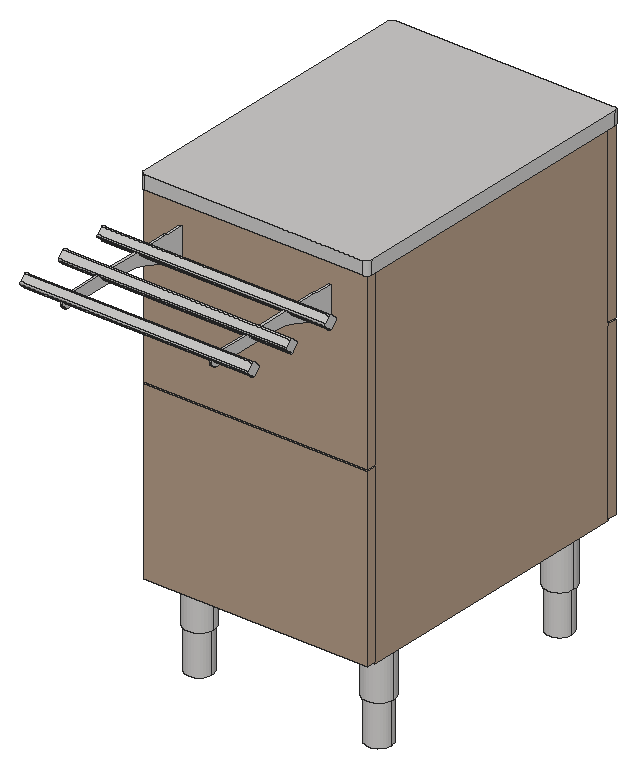
Revit family "QF_ELECTROLUXPROFESSIONAL_322107_F00N1AF00W", category Specialty Equipment, Revit 2018
Family settings
  Round Connector Dimension = Use Diameter
  Part Type = Normal
  Work Plane-Based = No
  Always vertical = Yes
  Cut with Voids When Loaded = No
  Shared = No
  Room Calculation Point = No
Parameters (values of type "Standard")
  Weight = 40.00 kg
  Watts = 0 W
  Volts = 0 V
  URL Manufacturer = "http://professional.electrolux.com"
  URL = "http://professional.electrolux.com"
  Steam Supply Size = 0 mm
  Steam Supply Minimum Pressure = 0.0 Pa
  Steam Supply Maximum Pressure = 0.0 Pa
  Steam Pounds per Hour = 0
  Show Clearance [instance] = yes
  Refrigeration Suction Line Size = 0 mm
  Refrigeration Liquid Line Size = 0 mm
  Refrigerant Compressor Remote = yes
  Manufacturer = "Electrolux Professional"
  Phase = 0
  Model = "F00N1AF00W"
  Length Actual = 450 mm  # constant formula
  Item Number = "322107"
  Hot Water Size = 0 mm
  Height Actual = 900 mm  # constant formula
  HP = "0 HP"
  Gas Size = 0 mm
  Gas KW = 0
  Gas Input Pressure = 0 W
  Direct Waste Size = 0 mm
  Description = "AMBIENT UNIT, 1GN H=900MM"
  Depth Actual = 915 mm  # constant formula
  Cycle = 0 Hz
  Condensate Return Size = 0 mm
  Compressed Air Volume = 0.0 L/s
  Compressed Air Size = 0 mm
  Compressed Air Pressure = 0.0 Pa
  Cold Water Size = 0 mm
  Accessory = yes
Types (2, lengths in mm): name | URL | Manufacturer | Model | Description
  (no name) | 0 | 0 | 0 | 0
  Standard | "http://professional.electrolux.com" | "Electrolux Professional" | "F00N1AF00W" | "AMBIENT UNIT, 1GN H=900MM"
Values of the unnamed type that differ from the named types
  URL Manufacturer = ""
  Item Number = ""
  HP = ""
Reference planes
  plane 1 "Centro (Fronte/Retro)": y = 74.737
  plane 2: z = 0
  plane 3 "BACK": y = 384.737
  plane 4 "FRONT": y = -235.263
  plane 5: z = 900
  plane 6 "RIGHT": x = -289.269
  plane 7 "LEFT": x = -739.269
  plane 8: x = -514.269
  plane 9: y = 664.737
  plane 10: y = -515.263
  plane 11: z = 179
  plane 12: z = 1304
  plane 13: z = 1222
  plane 14: y = 316.737
  plane 15: x = -661.269
  plane 16: x = -367.269
  plane 17: x = -735.269
  plane 18: y = -231.263
  plane 19: x = -293.269
  plane 20: y = 380.737
  plane 21: z = 874
  plane 22: y = 362.737
  plane 23: y = -213.263
  plane 24: z = 182
  plane 25: z = 527
  plane 26: z = 531
  plane 27: x = -468.269
  plane 28: x = -560.269
Forms (mm)
  Extrusion 1, solid, material "QF_Finishes_Wood"
    sketch origin (0, 0, 0) x (1, 0, 0) y (0, 1, 0)
      loop
        line (-735.269, 362.737) -> (-735.269, -213.263) -> (-293.269, -213.263) -> (-293.269, 362.737) -> (-735.269, 362.737)
    from 179 to 874
  Extrusion 2, solid, material "QF_Finishes_Wood"
    sketch origin (-293.269, 362.737, 0) x (0, -1, 0) y (0, 0, -1)
      loop
        line (576, -182) -> (576, -527) -> (594, -527) -> (594, -182) -> (576, -182)
      loop
        line (576, -531) -> (576, -874) -> (594, -874) -> (594, -531) -> (576, -531)
    from 0 to -442
  Extrusion 3, solid, material "QF_Finishes_Wood"
    sketch origin (-293.269, -213.263, 0) x (0, 1, 0) y (0, 0, 1)
      loop
        line (576, 531) -> (594, 531) -> (594, 874) -> (576, 874) -> (576, 531)
    from 0 to -442
  Extrusion 4, solid, material "QF_Finishes_Stainless Steel"
    sketch origin (0, 0, 0) x (1, 0, 0) y (0, 1, 0)
      loop
        arc (-729.269, 384.737) -> (-736.34, 381.808) -> (-739.269, 374.737) r 10
        line (-739.269, 374.737) -> (-739.269, -225.263)
        arc (-739.269, -225.263) -> (-736.34, -232.334) -> (-729.269, -235.263) r 10
        line (-729.269, -235.263) -> (-299.269, -235.263)
        arc (-299.269, -235.263) -> (-292.198, -232.334) -> (-289.269, -225.263) r 10
        line (-289.269, -225.263) -> (-289.269, 374.737)
        arc (-289.269, 374.737) -> (-292.198, 381.808) -> (-299.269, 384.737) r 10
        line (-299.269, 384.737) -> (-729.269, 384.737)
    from 874 to 900
  Extrusion 5, solid, material "QF_Finishes_Wood"
    sketch origin (-293.269, -213.263, -348) x (0, 1, 0) y (0, 0, 1)
      loop
        line (576, 530) -> (594, 530) -> (594, 875) -> (576, 875) -> (576, 530)
    from 0 to -442
  Extrusion 6, solid, material "QF_Finishes_Stainless Steel"
    sketch origin (-369.769, 362.737, 0) x (0, -1, 0) y (0, 0, -1)
      loop
        arc (628.84, -832.7) -> (632.082, -833.911) -> (635.519, -834.32) r 14.5
        line (635.519, -834.32) -> (675.715, -834.32) -> (689.858, -820.177) -> (704, -834.32) -> (770.715, -834.32) -> (784.858, -820.177) -> (799, -834.32) -> (865.716, -834.32) -> (879.858, -820.177) -> (887.686, -828.005) -> (887.686, -821.352)
        arc (887.686, -821.352) -> (887.303, -819.435) -> (886.214, -817.81) r 4.999
        line (886.214, -817.81) -> (881.179, -812.776)
        arc (881.179, -812.776) -> (879.559, -811.698) -> (877.651, -811.32) r 5
        line (877.651, -811.32) -> (732.206, -811.32)
        arc (732.206, -811.32) -> (708.662, -809.221) -> (685.86, -802.991) r 133.106
        line (685.86, -802.991) -> (638.285, -785.32) -> (597.679, -770.12) -> (594, -770.12) -> (594, -832.7) -> (628.84, -832.7)
    from 0 to 5
  Extrusion 7, solid, material "QF_Finishes_Stainless Steel"
    sketch origin (-663.769, 362.737, 0) x (0, -1, 0) y (0, 0, -1)
      loop
        arc (628.84, -832.7) -> (632.082, -833.911) -> (635.519, -834.32) r 14.5
        line (635.519, -834.32) -> (675.715, -834.32) -> (689.858, -820.177) -> (704, -834.32) -> (770.715, -834.32) -> (784.858, -820.177) -> (799, -834.32) -> (865.716, -834.32) -> (879.858, -820.177) -> (887.686, -828.005) -> (887.686, -821.352)
        arc (887.686, -821.352) -> (887.303, -819.435) -> (886.214, -817.81) r 4.999
        line (886.214, -817.81) -> (881.179, -812.776)
        arc (881.179, -812.776) -> (879.559, -811.698) -> (877.651, -811.32) r 5
        line (877.651, -811.32) -> (732.206, -811.32)
        arc (732.206, -811.32) -> (708.662, -809.221) -> (685.86, -802.991) r 133.106
        line (685.86, -802.991) -> (638.285, -785.32) -> (597.679, -770.12) -> (594, -770.12) -> (594, -832.7) -> (628.84, -832.7)
    from 0 to 5
  Extrusion 8, solid, material "QF_Finishes_Stainless Steel"
    sketch origin (-133.269, 362.737, 0) x (0, -1, 0) y (0, 0, -1)
      loop
        line (881.983, -846.337) -> (891.875, -836.445)
        arc (891.875, -836.445) -> (892.757, -834.322) -> (891.879, -832.198) r 3
        line (891.879, -832.198) -> (881.979, -822.299)
        arc (881.979, -822.299) -> (879.858, -821.42) -> (877.737, -822.299) r 3
        line (877.737, -822.299) -> (867.837, -832.198)
        arc (867.837, -832.198) -> (866.958, -834.32) -> (867.837, -836.441) r 3
        line (867.837, -836.441) -> (877.737, -846.34)
        arc (877.737, -846.34) -> (879.86, -847.219) -> (881.983, -846.337) r 3
      loop
        line (786.979, -846.34) -> (796.879, -836.441)
        arc (796.879, -836.441) -> (797.757, -834.32) -> (796.879, -832.198) r 3
        line (796.879, -832.198) -> (786.979, -822.299)
        arc (786.979, -822.299) -> (784.858, -821.42) -> (782.737, -822.299) r 3
        line (782.737, -822.299) -> (772.837, -832.198)
        arc (772.837, -832.198) -> (771.958, -834.317) -> (772.833, -836.437) r 3
        line (772.833, -836.437) -> (782.741, -846.345)
        arc (782.741, -846.345) -> (784.861, -847.219) -> (786.979, -846.34) r 3
      loop
        line (691.976, -846.343) -> (701.882, -836.438)
        arc (701.882, -836.438) -> (702.757, -834.318) -> (701.879, -832.198) r 3
        line (701.879, -832.198) -> (691.979, -822.299)
        arc (691.979, -822.299) -> (689.858, -821.42) -> (687.737, -822.299) r 3
        line (687.737, -822.299) -> (677.837, -832.198)
        arc (677.837, -832.198) -> (676.958, -834.32) -> (677.837, -836.441) r 3
        line (677.837, -836.441) -> (687.737, -846.34)
        arc (687.737, -846.34) -> (689.856, -847.219) -> (691.976, -846.343) r 3
    from -156 to -606
Lines and regions (mm)
  symbolic lines
    curve 1: line (-289.269, -530.263, 0) -> (-739.269, -530.263, 0)
    curve 2: line (-739.269, -530.263, 0) -> (-739.269, -235.263, 0)
    curve 3: line (-729.269, 384.737, 0) -> (-299.269, 384.737, 0)
    curve 4: line (-739.269, -235.263, 0) -> (-289.269, -235.263, 0)
    curve 5: line (-289.269, 374.737, 0) -> (-289.269, -225.263, 0)
    curve 6: line (-289.269, -235.263, 0) -> (-289.269, -530.263, 0)
    curve 7: line (-739.269, -225.263, 0) -> (-739.269, 374.737, 0)
    curve 8: arc (-739.269, -225.263, 0) -> (-736.34, -232.334, 0) -> (-729.269, -235.263, 0) r 10
    curve 9: arc (-739.269, 374.737, 0) -> (-736.34, 381.808, 0) -> (-729.269, 384.737, 0) r 10
    curve 10: arc (-299.269, 384.737, 0) -> (-292.198, 381.808, 0) -> (-289.269, 374.737, 0) r 10
    curve 11: arc (-299.269, -235.263, 0) -> (-292.198, -232.334, 0) -> (-289.269, -225.263, 0) r 10
Dimensions and locks
  plane 7 "LEFT" to plane 6 "RIGHT" = 450 mm
  equal spacing: plane 3 "BACK", plane 1 "Centro (Fronte/Retro)", plane 4 "FRONT"
  plane 3 "BACK" to plane 4 "FRONT" = 620 mm
  equal spacing: plane 7 "LEFT", plane 8, plane 6 "RIGHT"
  locked: plane 9 to plane 3 "BACK" at 280
  locked: plane 4 "FRONT" to plane 10 at 280
  plane 11 to plane 2 = 179 mm
  locked: plane 5 to plane 2 at 900
  locked: plane 12 to plane 2 at 1304
  locked: plane 13 to plane 2 at 1222
  locked: plane 3 "BACK" to plane 14 at 68
  locked: plane 7 "LEFT" to plane 15 at 78
  locked: plane 16 to plane 6 "RIGHT" at 78
  locked: plane 3 "BACK" to plane 20 at 4
  locked: plane 7 "LEFT" to plane 17 at 4
  locked: plane 19 to plane 6 "RIGHT" at 4
  locked: plane 18 to plane 4 "FRONT" at 4
  locked: plane 5 to plane 21 at 26
  locked: plane 23 to plane 18 at 18
  locked: plane 20 to plane 22 at 18
  locked: plane 19 to plane 27 at 175
  locked: plane 28 to plane 17 at 175
  plane 9 to plane 10 = 1180 mm
  plane 6 "RIGHT" to plane 16 = 78 mm
  plane 15 to plane 7 "LEFT" = 78 mm
  aligned and locked: level to plane 2
  aligned and locked: Extrusion 1 sketch curve to plane 22
  aligned and locked: plane 17 to Extrusion 1 sketch curve
  aligned and locked: plane 23 to Extrusion 1 sketch curve
  aligned and locked: Extrusion 1 sketch curve to plane 19
  aligned and locked: plane 21 to Extrusion 1
  aligned and locked: Extrusion 1 to plane 11
  aligned and locked: plane 24 to Extrusion 2 sketch curve
  aligned and locked: Extrusion 2 sketch curve to plane 23  (x2)
  aligned and locked: Extrusion 2 sketch curve to plane 25
  aligned and locked: plane 18 to Extrusion 2 sketch curve  (x2)
  aligned and locked: plane 26 to Extrusion 2 sketch curve
  aligned and locked: Extrusion 2 sketch curve to plane 21
  aligned and locked: Extrusion 2 to plane 17
  aligned and locked: Extrusion 3 to plane 17
  aligned and locked: Extrusion 4 sketch curve to plane 3 "BACK"
  aligned and locked: plane 7 "LEFT" to Extrusion 4 sketch curve
  aligned and locked: plane 4 "FRONT" to Extrusion 4 sketch curve
  aligned and locked: Extrusion 4 sketch curve to plane 6 "RIGHT"
  aligned and locked: Extrusion 4 to plane 21
  aligned and locked: Extrusion 5 to plane 24
  aligned and locked: plane 25 to Extrusion 5
  aligned and locked: Extrusion 5 to plane 17
  aligned and locked: plane 19 to Extrusion 5
Automatic sketch dimensions
  Extrusion 1 to Extrusion 3 sketch curve = 0 mm
  Extrusion 3 sketch curve to Extrusion 1 = 0 mm
  Extrusion 3 sketch curve to Extrusion 3 sketch curve = 18 mm
  Extrusion 3 sketch curve to Extrusion 3 sketch curve = 343 mm
  Extrusion 5 sketch curve to Extrusion 1 = 0 mm
  Extrusion 5 sketch curve to Extrusion 5 sketch curve = 18 mm
  Extrusion 1 to Extrusion 5 sketch curve = 3 mm
  Extrusion 5 sketch curve to Extrusion 5 sketch curve = 345 mm
  plane 17 to Extrusion 4 sketch curve = 6 mm  (x2)
  Extrusion 4 sketch curve to plane 19 = 6 mm  (x2)
  Extrusion 6 sketch curve to plane 18 = 0 mm
  plane 4 "FRONT" to Extrusion 6 sketch curve = 0.321 mm
  Extrusion 6 sketch curve to plane 4 "FRONT" = 30.84 mm
  Extrusion 6 sketch curve to Extrusion 6 sketch curve = 6.66 mm
  Extrusion 6 sketch curve to Extrusion 6 sketch curve = 6.678 mm
  Extrusion 6 sketch curve to Extrusion 6 sketch curve = 2.785 mm
  Extrusion 6 sketch curve to Extrusion 6 sketch curve = 40.197 mm
  Extrusion 6 sketch curve to Extrusion 6 sketch curve = 10.145 mm
  Extrusion 6 sketch curve to Extrusion 6 sketch curve = 3.998 mm
  Extrusion 6 sketch curve to plane 21 = 39.68 mm  (x2)
  Extrusion 6 sketch curve to Extrusion 6 sketch curve = 14.142 mm  (x3)
  Extrusion 6 sketch curve to Extrusion 6 sketch curve = 28.206 mm
  Extrusion 6 sketch curve to Extrusion 6 sketch curve = 38.51 mm
  Extrusion 6 sketch curve to Extrusion 6 sketch curve = 14.143 mm
  plane 10 to Extrusion 6 sketch curve = 12.284 mm
  plane 10 to Extrusion 6 sketch curve = 0.349 mm
  Extrusion 6 sketch curve to plane 10 = 1.858 mm
  Extrusion 6 sketch curve to plane 10 = 3.179 mm
  Extrusion 6 sketch curve to Extrusion 6 sketch curve = 2.829 mm
  Extrusion 6 sketch curve to Extrusion 6 sketch curve = 3.528 mm
  Extrusion 6 sketch curve to Extrusion 6 sketch curve = 4.999 mm
  Extrusion 6 sketch curve to Extrusion 6 sketch curve = 0 mm  (x2)
  Extrusion 6 sketch curve to Extrusion 6 sketch curve = 1.62 mm
  Extrusion 6 sketch curve to Extrusion 6 sketch curve = 6.314 mm
  Extrusion 6 sketch curve to Extrusion 6 sketch curve = 6.653 mm
  Extrusion 6 sketch curve to Extrusion 6 sketch curve = 1.175 mm
  Extrusion 6 sketch curve to Extrusion 6 sketch curve = 3.858 mm
  Extrusion 6 sketch curve to Extrusion 6 sketch curve = 3.543 mm
  Extrusion 6 sketch curve to Extrusion 6 sketch curve = 23 mm
  Extrusion 6 sketch curve to Extrusion 6 sketch curve = 17.187 mm
  Extrusion 6 sketch curve to Extrusion 6 sketch curve = 34.499 mm
  Extrusion 6 sketch curve to Extrusion 6 sketch curve = 15.2 mm
  Extrusion 7 sketch curve to plane 18 = 0 mm
  plane 4 "FRONT" to Extrusion 7 sketch curve = 0.321 mm
  Extrusion 7 sketch curve to plane 4 "FRONT" = 30.84 mm
  Extrusion 7 sketch curve to Extrusion 7 sketch curve = 6.66 mm
  Extrusion 7 sketch curve to Extrusion 7 sketch curve = 6.678 mm
  Extrusion 7 sketch curve to Extrusion 7 sketch curve = 2.785 mm
  Extrusion 7 sketch curve to Extrusion 7 sketch curve = 40.197 mm
  Extrusion 7 sketch curve to Extrusion 7 sketch curve = 10.145 mm
  Extrusion 7 sketch curve to Extrusion 7 sketch curve = 3.998 mm
  Extrusion 7 sketch curve to plane 21 = 39.68 mm  (x2)
  Extrusion 7 sketch curve to Extrusion 7 sketch curve = 14.142 mm  (x3)
  Extrusion 7 sketch curve to Extrusion 7 sketch curve = 28.206 mm
  Extrusion 7 sketch curve to Extrusion 7 sketch curve = 38.51 mm
  Extrusion 7 sketch curve to Extrusion 7 sketch curve = 14.143 mm
  plane 10 to Extrusion 7 sketch curve = 12.284 mm
  plane 10 to Extrusion 7 sketch curve = 0.349 mm
  Extrusion 7 sketch curve to plane 10 = 1.858 mm
  Extrusion 7 sketch curve to plane 10 = 3.179 mm
  Extrusion 7 sketch curve to Extrusion 7 sketch curve = 2.829 mm
  Extrusion 7 sketch curve to Extrusion 7 sketch curve = 3.528 mm
  Extrusion 7 sketch curve to Extrusion 7 sketch curve = 4.999 mm
  Extrusion 7 sketch curve to Extrusion 7 sketch curve = 0 mm  (x2)
  Extrusion 7 sketch curve to Extrusion 7 sketch curve = 1.62 mm
  Extrusion 7 sketch curve to Extrusion 7 sketch curve = 6.314 mm
  Extrusion 7 sketch curve to Extrusion 7 sketch curve = 6.653 mm
  Extrusion 7 sketch curve to Extrusion 7 sketch curve = 1.175 mm
  Extrusion 7 sketch curve to Extrusion 7 sketch curve = 3.858 mm
  Extrusion 7 sketch curve to Extrusion 7 sketch curve = 3.543 mm
  Extrusion 7 sketch curve to Extrusion 7 sketch curve = 23 mm
  Extrusion 7 sketch curve to Extrusion 7 sketch curve = 17.187 mm
  Extrusion 7 sketch curve to Extrusion 7 sketch curve = 34.499 mm
  Extrusion 7 sketch curve to Extrusion 7 sketch curve = 15.2 mm
  Extrusion 8 sketch curve to plane 21 = 39.68 mm
  Extrusion 8 sketch curve to plane 4 "FRONT" = 81.958 mm
  Extrusion 8 sketch curve to Extrusion 8 sketch curve = 9.899 mm  (x7)
  Extrusion 8 sketch curve to plane 21 = 27.657 mm
  Extrusion 8 sketch curve to Extrusion 8 sketch curve = 2.118 mm  (x3)
  Extrusion 8 sketch curve to plane 21 = 37.562 mm
  Extrusion 8 sketch curve to Extrusion 8 sketch curve = 2.124 mm  (x2)
  Extrusion 8 sketch curve to plane 21 = 37.563 mm
  Extrusion 8 sketch curve to Extrusion 8 sketch curve = 70.951 mm
  Extrusion 8 sketch curve to plane 21 = 41.802 mm  (x2)
  Extrusion 8 sketch curve to Extrusion 8 sketch curve = 0.004 mm  (x2)
  Extrusion 8 sketch curve to Extrusion 8 sketch curve = 2.126 mm
  Extrusion 8 sketch curve to plane 21 = 27.655 mm
  Extrusion 8 sketch curve to Extrusion 8 sketch curve = 9.908 mm
  Extrusion 8 sketch curve to Extrusion 8 sketch curve = 2.117 mm
  Extrusion 8 sketch curve to Extrusion 8 sketch curve = 9.9 mm  (x2)
  Extrusion 8 sketch curve to plane 21 = 27.66 mm  (x3)
  Extrusion 8 sketch curve to Extrusion 8 sketch curve = 2.121 mm  (x20)
  Extrusion 8 sketch curve to plane 21 = 37.559 mm  (x2)
  plane 10 to Extrusion 8 sketch curve = 10.163 mm
  Extrusion 8 sketch curve to Extrusion 8 sketch curve = 0 mm  (x14)
  plane 10 to Extrusion 8 sketch curve = 0.263 mm  (x2)
  Extrusion 8 sketch curve to plane 10 = 1.858 mm  (x2)
  Extrusion 8 sketch curve to Extrusion 8 sketch curve = 2.125 mm  (x2)
  Extrusion 8 sketch curve to plane 10 = 11.757 mm
  Extrusion 8 sketch curve to Extrusion 8 sketch curve = 9.892 mm
  curve 9 to plane 7 "LEFT" = 0 mm
  curve 1 to plane 7 "LEFT" = 0 mm
  curve 9 to plane 3 "BACK" = 0 mm
  curve 8 to plane 4 "FRONT" = 0 mm
  curve 1 to plane 6 "RIGHT" = 0 mm
  curve 5 to plane 6 "RIGHT" = 0 mm
  plane 17 to curve 8 = 6 mm
  plane 17 to curve 9 = 6 mm
  curve 10 to plane 19 = 6 mm
  plane 18 to curve 11 = 6 mm
  curve 6 to plane 10 = 15 mm
Nested families
  nested 1: "Foot_Ø50_H179" at (-691.326, -148.263, 0), type "Foot_Ø50_H179"
  nested 2: "Foot_Ø50_H179" at (-337.169, -148.263, 0), type "Foot_Ø50_H179"
  nested 3: "Foot_Ø50_H179" at (-337.169, 297.737, 0), type "Foot_Ø50_H179"
  nested 4: "Foot_Ø50_H179" at (-691.326, 297.737, 0), type "Foot_Ø50_H179"
Definition of nested family "Foot_Ø50_H179"
  Reference planes
    plane 1 "Centro (Fronte/Retro)": y = 0
    plane 2: z = 0
    plane 3 "Centro (Sinistra/Destra)": x = 0
    plane 4: z = 179
  Forms (mm)
    Revolve 1, solid
      sketch origin (255.05, 0, 608.09) x (0, 0, 1) y (-1, 0, 0)
        loop
          line (-608.09, 255.05) -> (-608.09, 230.05) -> (-526.09, 230.05) -> (-526.09, 226.05) -> (-429.09, 226.05) -> (-429.09, 255.05) -> (-608.09, 255.05)
        axis (-608.09, 255.05) -> (-429.09, 255.05)
      angle from 0 to 360
  Dimensions and locks
    Revolve 1 sketch curve to Revolve 1 sketch curve = 97 mm
    aligned and locked: level to plane 2
    aligned and locked: plane 4 to Revolve 1 sketch curve
    aligned and locked: Revolve 1 sketch curve to level
    aligned and locked: plane 3 "Centro (Sinistra/Destra)" to Revolve 1 sketch curve
